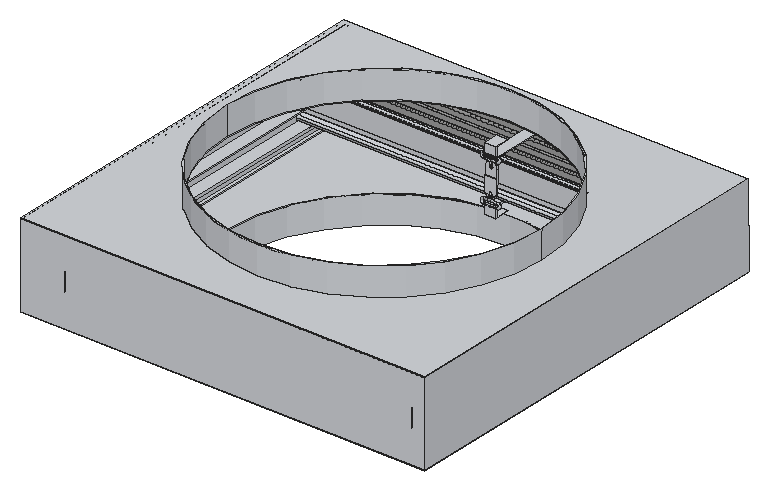
Revit family "C-FSR-1, C-FSR-2", category Mechanical Equipment, Revit 2015
Parameters
  URL = "https://unitedenertech.com/catalog/pdf/D-6%20%20C-FSR-1%20&%20(-2).pdf"
  Type Comments = "Max. Size is (24\"w x 24\"h, 22\" Diameter)"
  Model = "C/FSR-1, C/FSR-2"
  Manufacturer = "United Enertech Corporation"
  Exact Width = 1' - 6"
  Exact Height = 1' - 6"
  Diameter = 1' - 2"
  Description = "Square to Round Ceiling Damper"
  C/FSR-2 = yes
  Blade Width [instance] = Exact Width - 0' 0 3/16"  # 1' - 5 13/16"
Reference planes (in)
  plane 1 "Center (Front/Back)": y = 0
  plane 2: z = 0
  plane 3 "Center (Left/Right)": x = 0
  plane 4: x = -9
  plane 5: x = 9
  plane 6: y = -9
  plane 7: y = 9
  plane 8: z = 3.6875
  plane 9: y = 6.56503
  plane 10: y = 8.9641
  plane 11: x = -8.90617
  plane 12: x = 8.90617
Forms (in)
  Extrusion 1, solid, material "Roofing, EPDM Membrane"
    sketch origin (0, 0, 0) x (0, 1, 0) y (0, 0, 1)
      loop
        line (8.87221, 1.71498) -> (8.8312, 1.05609)
        arc (8.8312, 1.05609) -> (8.70159, 0.93383) -> (8.57105, 1.05509) r 0.13036
        line (8.57105, 1.05509) -> (8.4576, 2.67746)
        arc (8.4576, 2.67746) -> (8.39328, 2.73744) -> (8.32895, 2.67746) r 0.06448
        line (8.32895, 2.67746) -> (8.21235, 1.01004)
        arc (8.21235, 1.01004) -> (8.14803, 0.95006) -> (8.0837, 1.01004) r 0.06448
        line (8.0837, 1.01004) -> (7.9671, 2.67746)
        arc (7.9671, 2.67746) -> (7.90278, 2.73744) -> (7.83845, 2.67746) r 0.06448
        line (7.83845, 2.67746) -> (7.72185, 1.01004)
        arc (7.72185, 1.01004) -> (7.65752, 0.95006) -> (7.5932, 1.01004) r 0.06448
        line (7.5932, 1.01004) -> (7.4766, 2.67746)
        arc (7.4766, 2.67746) -> (7.41227, 2.73744) -> (7.34795, 2.67746) r 0.06448
        line (7.34795, 2.67746) -> (7.23135, 1.01004)
        arc (7.23135, 1.01004) -> (7.16702, 0.95006) -> (7.1027, 1.01004) r 0.06448
        line (7.1027, 1.01004) -> (6.9861, 2.67746)
        arc (6.9861, 2.67746) -> (6.92177, 2.73744) -> (6.85745, 2.67746) r 0.06448
        line (6.85745, 2.67746) -> (6.74085, 1.01004)
        arc (6.74085, 1.01004) -> (6.67652, 0.95006) -> (6.6122, 1.01004) r 0.06448
        line (6.6122, 1.01004) -> (6.4956, 2.67746) -> (6.45644, 2.67746) -> (6.57323, 1.00732)
        arc (6.57323, 1.00732) -> (6.67652, 0.91099) -> (6.77982, 1.00732) r 0.10355
        line (6.77982, 1.00732) -> (6.89641, 2.67473)
        arc (6.89641, 2.67473) -> (6.92177, 2.69838) -> (6.94713, 2.67473) r 0.02542
        line (6.94713, 2.67473) -> (7.06373, 1.00732)
        arc (7.06373, 1.00732) -> (7.16702, 0.91099) -> (7.27032, 1.00732) r 0.10355
        line (7.27032, 1.00732) -> (7.38692, 2.67473)
        arc (7.38692, 2.67473) -> (7.41227, 2.69838) -> (7.43763, 2.67473) r 0.02542
        line (7.43763, 2.67473) -> (7.55423, 1.00732)
        arc (7.55423, 1.00732) -> (7.65752, 0.91099) -> (7.76082, 1.00732) r 0.10355
        line (7.76082, 1.00732) -> (7.87742, 2.67473)
        arc (7.87742, 2.67473) -> (7.90278, 2.69838) -> (7.92813, 2.67473) r 0.02542
        line (7.92813, 2.67473) -> (8.04473, 1.00732)
        arc (8.04473, 1.00732) -> (8.14803, 0.91099) -> (8.25132, 1.00732) r 0.10355
        line (8.25132, 1.00732) -> (8.36792, 2.67473)
        arc (8.36792, 2.67473) -> (8.39328, 2.69838) -> (8.41864, 2.67473) r 0.02542
        line (8.41864, 2.67473) -> (8.53208, 1.05237)
        arc (8.53208, 1.05237) -> (8.70174, 0.89477) -> (8.87018, 1.05366) r 0.16942
        line (8.87018, 1.05366) -> (8.91135, 1.71498) -> (8.87221, 1.71498)
    from -8.90617 to 8.90617
Dimensions and locks (in)
  equal spacing: plane 4, plane 3 "Center (Left/Right)", plane 5
  "Exact Width": plane 4 to plane 5
  equal spacing: plane 7, plane 1 "Center (Front/Back)", plane 6
  "Exact Height": plane 7 to plane 6
  locked: plane 7 to plane 9 at 2.43497
  locked: plane 7 to plane 10 at 0.0359
  locked: plane 4 to plane 11 at 0.09383
  locked: plane 12 to plane 5 at 0.09383
  aligned and locked: level to plane 2
  aligned and locked: plane 3 "Center (Left/Right)" to nested 1
  aligned and locked: nested 1 to plane 1 "Center (Front/Back)"
  aligned and locked: nested 1 to level
  aligned and locked: nested 2 to plane 10
  aligned and locked: nested 3 to plane 9
  aligned and locked: plane 3 "Center (Left/Right)" to nested 2
  aligned and locked: nested 3 to plane 3 "Center (Left/Right)"
  aligned and locked: Extrusion 1 to plane 11
  aligned and locked: Extrusion 1 to plane 12
  aligned and locked: plane 3 "Center (Left/Right)" to nested 4
  aligned and locked: plane 1 "Center (Front/Back)" to nested 4
  aligned and locked: nested 4 to plane 8
  aligned and locked: nested 5 to level
Automatic sketch dimensions
  Extrusion 1 sketch curve to Extrusion 1 sketch curve = 0' - 0"  (x22)
  plane 9 to Extrusion 1 sketch curve = 0' - 0.0082"
  Extrusion 1 sketch curve to Extrusion 1 sketch curve = 0' - 0.03897"  (x17)
  Extrusion 1 sketch curve to Extrusion 1 sketch curve = 0' - 0.06433"  (x8)
  plane 9 to Extrusion 1 sketch curve = 0' - 0.29242"
  Extrusion 1 sketch curve to Extrusion 1 sketch curve = 0' - 0.02536"  (x8)
  Extrusion 1 sketch curve to Extrusion 1 sketch curve = 0' - 0.28391"  (x3)
  Extrusion 1 sketch curve to Extrusion 1 sketch curve = 0' - 0.36185"  (x3)
  level to Extrusion 1 sketch curve = 0' - 1.01004"
  level to Extrusion 1 sketch curve = 0' - 1.00732"
  Extrusion 1 sketch curve to plane 8 = 0' - 1.01277"
  Extrusion 1 sketch curve to Extrusion 1 sketch curve = 0' - 0.28076"
  Extrusion 1 sketch curve to Extrusion 1 sketch curve = 0' - 0.13004"
  Extrusion 1 sketch curve to Extrusion 1 sketch curve = 0' - 0.13011"
  Extrusion 1 sketch curve to Extrusion 1 sketch curve = 0' - 0.03899"
  plane 10 to Extrusion 1 sketch curve = 0' - 0.09189"
  Extrusion 1 sketch curve to Extrusion 1 sketch curve = 0' - 0.03914"
  Extrusion 1 sketch curve to Extrusion 1 sketch curve = 0' - 0.00272"  (x8)
  Extrusion 1 sketch curve to Extrusion 1 sketch curve = 0' - 0.0045"  (x4)
  Extrusion 1 sketch curve to Extrusion 1 sketch curve = 0' - 0.04505"
  Extrusion 1 sketch curve to Extrusion 1 sketch curve = 0' - 0.00129"
  Extrusion 1 sketch curve to Extrusion 1 sketch curve = 0' - 0.66132"
  Extrusion 1 sketch curve to Extrusion 1 sketch curve = 0' - 0.00177"  (x7)
  Extrusion 1 sketch curve to plane 9 = 0' - 0.06943"
  Extrusion 1 sketch curve to Extrusion 1 sketch curve = 0' - 0.03916"
Nested families (in)
  nested 1: "CFS FRAMEE" at (0, -9, 1.84375) x (1, 0, 0) z (0, 1, 0), type "CFS FRAMEE"
    with EFL Height 0' - 2 43/64", Blade Width 1' - 5 7/8", Blade Pair Number 5, Exact Width 1' - 6", Damper Height 1' - 6"
  nested 2: "Steel Blade" at (0, 8.12138, 0.67583) x (1, 0, 0) z (0, 1, 0), type "Steel Blade"
    with Blade Width 1' - 5 13/16"
  nested 3: "Steel Blade" at (0, 5.72231, 3.01167) x (1, 0, 0) z (0, 1, 0), type "Steel Blade"
    with Blade Width 1' - 5 13/16"
  nested 4: "Transition" at (0, 0, 3.6875), type "Transition"
    with Radius O.D. 0' - 7 1/32", Radius 0' - 7", W 1' - 6", H 1' - 6", Diameter 1' - 2"
  nested 5: "Transition" at (0, 0, 0) x (1, 0, 0) z (0, 0, -1), visible <- "C/FSR-2", type "Transition"
    with Radius O.D. 0' - 7 1/32", Radius 0' - 7", W 1' - 6", H 1' - 6", Diameter 1' - 2"
Definition of nested family "CFS FRAMEE"
  Parameters (values of type "CFS FRAMEE")
    URL = "http://unitedenertech.com/catalog/pdf/A-10%20%20FDD-ALB.pdf"
    Type Comments = "Max. Sizes are (Vertical 72\"w x 36\"h or 36\"w x 72\"h) (Horizontal 36\"w x 36\"h)"
    Model = "FDD-ALB"
    Manufacturer = "United Enertech Corporation"
    Keynote = ""
    Exact Width = 2' - 0"
    EFL Height [instance] = Blade Pair Number * 0' 0 13/32" + 0' 0 41/64"  # 0' - 1 55/64"
    Description = "Curtain Fire Damper for use in Static or Dynamic Systems"
    Damper Height = 1' - 0"
    Depth = 0' - 3 11/16"
    Blade Width [instance] = Exact Width - 0' 0 1/8"  # 1' - 11 7/8"
    Blade Pair Number [instance] = (Damper Height - 0' 0 9/128") / 0' 3 7/8"  # 3
  Reference planes (in)
    plane 1 "Center (Front/Back)": y = 0
    plane 2: z = 0
    plane 3 "Center (Left/Right)": x = 0
    plane 4: x = -12
    plane 5: x = 12
    plane 6: y = -1.84375
    plane 7: y = 1.84375
    plane 8: z = 12
    plane 9: x = -11.9641
    plane 10: x = 11.9641
    plane 11: z = 0.0359
    plane 12: z = 11.9641
    plane 13: y = 1.09375
    plane 14: y = -1.09375
    plane 15: y = -0.96875
    plane 16: y = 0.96875
    plane 17: z = 0.6609
    plane 18: x = -11.3391
    plane 19: x = 11.3391
    plane 20: z = 11.3391
    plane 21: x = -0.25
    plane 22: x = 0.25
    plane 23: z = 8.88598
    plane 24: z = 8.92188
    plane 25: z = 0.2234
    plane 26: z = 11.7766
    plane 27: x = 11.7766
    plane 28: x = -11.7766
    plane 29: y = 1.80785
    plane 30: y = -1.80785
    plane 31: z = 6
  Forms (in)
    Extrusion 1, solid
      sketch origin (0, 0, 0) x (1, 0, 0) y (0, 0, 1)
        loop
          line (-11.9641, 11.9641) -> (-11.9641, 0.0359) -> (11.9641, 0.0359) -> (11.9641, 11.9641) -> (-11.9641, 11.9641)
        loop
          line (-12, 12) -> (-12, 0) -> (12, 0) -> (12, 12) -> (-12, 12)
      from -1.84375 to 1.84375
    Extrusion 2, solid
      sketch origin (0, 0, 0) x (1, 0, 0) y (0, 0, 1)
        loop
          line (-11.3391, 11.3391) -> (-11.3391, 0.6609) -> (11.3391, 0.6609) -> (11.3391, 11.3391) -> (-11.3391, 11.3391)
        loop
          line (-11.9641, 11.9641) -> (-11.9641, 0.0359) -> (11.9641, 0.0359) -> (11.9641, 11.9641) -> (-11.9641, 11.9641)
      from 0.96875 to 1.09375
    Extrusion 3, solid
      sketch origin (0, 0, 0) x (1, 0, 0) y (0, 0, 1)
        loop
          line (-11.3391, 11.3391) -> (-11.3391, 0.6609) -> (11.3391, 0.6609) -> (11.3391, 11.3391) -> (-11.3391, 11.3391)
        loop
          line (-11.9641, 11.9641) -> (-11.9641, 0.0359) -> (11.9641, 0.0359) -> (11.9641, 11.9641) -> (-11.9641, 11.9641)
      from -1.09375 to -0.96875
    Extrusion 4, solid
      sketch origin (0, 0, 0) x (0, 1, 0) y (0, 0, 1)
        loop
          line (0.96875, 11.9641) -> (0.93285, 11.9641) -> (0.93285, 8.88598) -> (1.43285, 8.88598) -> (1.43285, 9.55473) -> (1.39695, 9.55473) -> (1.39695, 8.92188) -> (0.96875, 8.92188) -> (0.96875, 11.9641)
      from -0.25 to 0.25
    Extrusion 5, solid
      sketch origin (0, 0, 0) x (0, -1, 0) y (0, 0, -1)
        loop
          line (0.96875, -11.9641) -> (0.96875, -8.92188) -> (1.39695, -8.92188) -> (1.39695, -9.55473) -> (1.43285, -9.55473) -> (1.43285, -8.88598) -> (0.93285, -8.88598) -> (0.93285, -11.9641) -> (0.96875, -11.9641)
      from -0.25 to 0.25
    Extrusion 6, solid
      sketch origin (0, 0, 0) x (0, 1, 0) y (0, 0, 1)
        loop
          line (0.18683, 0.46965) -> (0.18683, 8.88598) -> (0.15093, 8.88598) -> (0.15093, 0.46965) -> (0.18683, 0.46965)
      from 11.3391 to 11.9641
    Extrusion 7, solid
      sketch origin (0, 0, 0) x (0, 1, 0) y (0, 0, 1)
        loop
          line (0.18683, 0.46965) -> (0.18683, 8.88598) -> (0.15093, 8.88598) -> (0.15093, 0.46965) -> (0.18683, 0.46965)
      from -11.3391 to -11.9641
    Extrusion 8, solid
      sketch origin (0, 0, 0) x (0, 1, 0) y (0, 0, 1)
        loop
          arc (0.18683, 8.88598) -> (0.08831, 9.27851) -> (-0.15941, 9.59854) r 0.98736
          line (-0.15941, 9.59854) -> (-0.18442, 9.57353)
          arc (-0.18442, 9.57353) -> (0.05139, 9.26299) -> (0.15093, 8.88598) r 1.00288
          line (0.15093, 8.88598) -> (0.18683, 8.88598)
      from 11.3391 to 11.9641
    Extrusion 9, solid
      sketch origin (0, 0, 0) x (0, 1, 0) y (0, 0, 1)
        loop
          arc (0.18683, 8.88598) -> (0.08831, 9.27851) -> (-0.15941, 9.59854) r 0.98736
          line (-0.15941, 9.59854) -> (-0.18442, 9.57353)
          arc (-0.18442, 9.57353) -> (0.05139, 9.26299) -> (0.15093, 8.88598) r 1.00288
          line (0.15093, 8.88598) -> (0.18683, 8.88598)
      from -11.9641 to -11.3391
    Extrusion 10, solid
      sketch origin (0, 0, 0) x (1, 0, 0) y (0, 0, 1)
        loop
          line (-11.7766, 11.7766) -> (-11.7766, 0.2234) -> (11.7766, 0.2234) -> (11.7766, 11.7766) -> (-11.7766, 11.7766)
        loop
          line (-11.9641, 0.0359) -> (11.9641, 0.0359) -> (11.9641, 11.9641) -> (-11.9641, 11.9641) -> (-11.9641, 0.0359)
      from -1.84375 to -1.80785
    Extrusion 11, solid
      sketch origin (0, 0, 0) x (1, 0, 0) y (0, 0, 1)
        loop
          line (-11.7766, 11.7766) -> (-11.7766, 0.2234) -> (11.7766, 0.2234) -> (11.7766, 11.7766) -> (-11.7766, 11.7766)
        loop
          line (-11.9641, 0.0359) -> (11.9641, 0.0359) -> (11.9641, 11.9641) -> (-11.9641, 11.9641) -> (-11.9641, 0.0359)
      from 1.80785 to 1.84375
  Dimensions and locks (in)
    equal spacing: plane 4, plane 3 "Center (Left/Right)", plane 5
    "Exact Width": plane 4 to plane 5
    equal spacing: plane 7, plane 1 "Center (Front/Back)", plane 6
    "Depth": plane 7 to plane 6
    "Damper Height": plane 8 to level
    locked: plane 9 to plane 4 at 0.0359
    locked: plane 5 to plane 10 at 0.0359
    locked: plane 8 to plane 12 at 0.0359
    locked: plane 11 to level at 0.0359
    locked: plane 13 to plane 14 at 2.1875
    locked: plane 15 to plane 14 at 0.125
    locked: plane 13 to plane 16 at 0.125
    locked: plane 18 to plane 9 at 0.625
    locked: plane 10 to plane 19 at 0.625
    locked: plane 17 to plane 11 at 0.625
    locked: plane 12 to plane 20 at 0.625
    locked: plane 24 to plane 23 at 0.0359
    locked: plane 25 to level at 0.2234
    locked: plane 8 to plane 26 at 0.2234
    locked: plane 4 to plane 28 at 0.2234
    locked: plane 5 to plane 27 at 0.2234
    locked: plane 7 to plane 29 at 0.0359
    locked: plane 30 to plane 6 at 0.0359
    locked: plane 8 to plane 23 at 3.11402
    equal spacing: plane 8, plane 31, level
    aligned and locked: level to plane 2
    aligned and locked: level to Extrusion 1 sketch curve
    aligned and locked: Extrusion 1 sketch curve to plane 4
    aligned and locked: Extrusion 1 sketch curve to plane 5
    aligned and locked: Extrusion 1 sketch curve to plane 8
    aligned and locked: Extrusion 1 sketch curve to plane 12
    aligned and locked: plane 10 to Extrusion 1 sketch curve
    aligned and locked: plane 11 to Extrusion 1 sketch curve
    aligned and locked: plane 9 to Extrusion 1 sketch curve
    aligned and locked: plane 7 to Extrusion 1
    aligned and locked: Extrusion 1 to plane 6
    aligned and locked: plane 11 to Extrusion 2 sketch curve
    aligned and locked: plane 9 to Extrusion 2 sketch curve
    aligned and locked: plane 10 to Extrusion 2 sketch curve
    aligned and locked: Extrusion 2 sketch curve to plane 12
    aligned and locked: Extrusion 2 sketch curve to plane 20
    aligned and locked: Extrusion 2 sketch curve to plane 19
    aligned and locked: plane 17 to Extrusion 2 sketch curve
    aligned and locked: Extrusion 2 sketch curve to plane 18
    aligned and locked: plane 13 to Extrusion 3
    aligned and locked: Extrusion 3 to plane 16
    aligned and locked: plane 15 to Extrusion 2
    aligned and locked: Extrusion 2 to plane 14
    aligned and locked: plane 21 to Extrusion 5
    aligned and locked: plane 21 to Extrusion 4
    aligned and locked: plane 22 to Extrusion 5
    aligned and locked: plane 22 to Extrusion 4
    aligned and locked: Extrusion 5 sketch curve to plane 23
    aligned and locked: plane 23 to Extrusion 4 sketch curve
    aligned and locked: plane 24 to Extrusion 4 sketch curve
    aligned and locked: Extrusion 5 sketch curve to plane 24
    aligned and locked: nested 1 to plane 24
    aligned and locked: nested 2 to plane 9
    aligned and locked: plane 10 to nested 3
    aligned and locked: Extrusion 6 sketch curve to plane 23
    aligned and locked: Extrusion 7 to plane 9
    aligned and locked: Extrusion 7 to plane 18
    aligned and locked: Extrusion 6 to plane 19
    aligned and locked: Extrusion 6 to plane 10
    aligned and locked: Extrusion 8 sketch curve to plane 23
    aligned and locked: Extrusion 9 to plane 9
    aligned and locked: Extrusion 9 to plane 18
    aligned and locked: plane 10 to Extrusion 8
    aligned and locked: Extrusion 8 to plane 19
    aligned and locked: Extrusion 10 sketch curve to plane 11
    aligned and locked: Extrusion 10 sketch curve to plane 10
    aligned and locked: Extrusion 10 sketch curve to plane 9
    aligned and locked: plane 12 to Extrusion 10 sketch curve
    aligned and locked: plane 26 to Extrusion 10 sketch curve
    aligned and locked: Extrusion 10 sketch curve to plane 28
    aligned and locked: Extrusion 10 sketch curve to plane 25
    aligned and locked: Extrusion 10 sketch curve to plane 27
    aligned and locked: plane 7 to Extrusion 10
    aligned and locked: Extrusion 10 to plane 29
    aligned and locked: Extrusion 11 to plane 30
    aligned and locked: Extrusion 11 to plane 6
  Automatic sketch dimensions
    Extrusion 3 sketch curve to plane 9 = 0' - 0"
    Extrusion 3 sketch curve to plane 17 = 0' - 0"
    plane 18 to Extrusion 3 sketch curve = 0' - 0"
    Extrusion 3 sketch curve to plane 19 = 0' - 0"
    plane 10 to Extrusion 3 sketch curve = 0' - 0"
    Extrusion 3 sketch curve to plane 11 = 0' - 0"
    Extrusion 3 sketch curve to plane 20 = 0' - 0"
    Extrusion 3 sketch curve to plane 12 = 0' - 0"
    Extrusion 4 sketch curve to plane 12 = 0' - 0"
    Extrusion 4 sketch curve to plane 16 = 0' - 0"
    Extrusion 4 sketch curve to plane 16 = 0' - 0.0359"
    plane 13 to Extrusion 4 sketch curve = 0' - 0.3032"
    Extrusion 4 sketch curve to Extrusion 4 sketch curve = 0' - 0.0359"
    plane 24 to Extrusion 4 sketch curve = 0' - 0.63285"
    Extrusion 5 sketch curve to plane 12 = 0' - 0"
    Extrusion 5 sketch curve to plane 15 = 0' - 0"
    Extrusion 5 sketch curve to plane 15 = 0' - 0.0359"
    plane 14 to Extrusion 5 sketch curve = 0' - 0.3032"
    Extrusion 5 sketch curve to Extrusion 5 sketch curve = 0' - 0.0359"
    Extrusion 5 sketch curve to plane 24 = 0' - 0.63285"
    Extrusion 6 sketch curve to plane 1 "Center (Front/Back)" = 0' - 0.15093"
    Extrusion 6 sketch curve to Extrusion 6 sketch curve = 0' - 0.0359"
    Extrusion 6 sketch curve to plane 17 = 0' - 0.19125"
    Extrusion 7 sketch curve to plane 23 = 0' - 0"
    Extrusion 7 sketch curve to plane 1 "Center (Front/Back)" = 0' - 0.15093"
    Extrusion 7 sketch curve to Extrusion 7 sketch curve = 0' - 0.0359"
    Extrusion 7 sketch curve to plane 17 = 0' - 0.19125"
    plane 15 to Extrusion 8 sketch curve = 0' - 0.11876"
    Extrusion 8 sketch curve to Extrusion 8 sketch curve = 0' - 0.05023"
    plane 1 "Center (Front/Back)" to Extrusion 8 sketch curve = 0' - 0.18442"
    Extrusion 8 sketch curve to Extrusion 8 sketch curve = 0' - 0.02501"
    Extrusion 8 sketch curve to plane 1 "Center (Front/Back)" = 0' - 0.15093"
    Extrusion 8 sketch curve to Extrusion 8 sketch curve = 0' - 0.0359"
    Extrusion 8 sketch curve to plane 23 = 0' - 0.03898"
    Extrusion 8 sketch curve to Extrusion 8 sketch curve = 0' - 0.02364"
    Extrusion 9 sketch curve to plane 23 = 0' - 0"
    plane 15 to Extrusion 9 sketch curve = 0' - 0.11876"
    Extrusion 9 sketch curve to Extrusion 9 sketch curve = 0' - 0.05023"
    plane 1 "Center (Front/Back)" to Extrusion 9 sketch curve = 0' - 0.18442"
    Extrusion 9 sketch curve to Extrusion 9 sketch curve = 0' - 0.02501"
    Extrusion 9 sketch curve to plane 1 "Center (Front/Back)" = 0' - 0.15093"
    Extrusion 9 sketch curve to Extrusion 9 sketch curve = 0' - 0.0359"
    Extrusion 9 sketch curve to plane 23 = 0' - 0.03898"
    Extrusion 9 sketch curve to Extrusion 9 sketch curve = 0' - 0.02364"
    Extrusion 11 sketch curve to plane 9 = 0' - 0"
    Extrusion 11 sketch curve to plane 25 = 0' - 0"
    plane 28 to Extrusion 11 sketch curve = 0' - 0"
    Extrusion 11 sketch curve to plane 26 = 0' - 0"
    Extrusion 11 sketch curve to plane 27 = 0' - 0"
    plane 10 to Extrusion 11 sketch curve = 0' - 0"
    Extrusion 11 sketch curve to plane 11 = 0' - 0"
    Extrusion 11 sketch curve to plane 12 = 0' - 0"
  Nested families (in)
    nested 1: "EFL" at (4.62017, 3.54736, 8.92188), type "EFL"
    nested 2: "Fire Damper Spring" at (-11.41019, -4.48368, -2.82915) x (0, 1, 0) z (0, 0, 1), type "Fire Damper Spring"
    nested 3: "Fire Damper Spring" at (11.41019, -4.48368, -2.82915) x (0, 1, 0) z (0, 0, 1), type "Fire Damper Spring"
  Definition of nested family "EFL"
    Reference planes (in)
      plane 1 "Center (Front/Back)": y = 0
      plane 2: z = 0
      plane 3 "Center (Left/Right)": x = 0
    Forms (in)
      Extrusion 1, solid
        sketch origin (0, 0, 0) x (1, 0, 0) y (0, 1, 0)
          loop
            arc (-4.87017, -4.05324) -> (-4.81525, -4.18582) -> (-4.68267, -4.24074) r 0.1875
            line (-4.68267, -4.24074) -> (-4.55767, -4.24074)
            arc (-4.55767, -4.24074) -> (-4.42508, -4.18582) -> (-4.37017, -4.05324) r 0.1875
            line (-4.37017, -4.05324) -> (-4.37017, -3.41574) -> (-4.87017, -3.41574) -> (-4.87017, -4.05324)
          loop
            circle (-4.62017, -4.05324) r 0.0625
        from 0.1 to 0.05
      Extrusion 2, solid
        sketch origin (-9.24033, -7.08147, 0) x (-1, 0, 0) y (0, -1, 0)
          loop
            arc (-4.87017, -4.05324) -> (-4.81525, -4.18582) -> (-4.68267, -4.24074) r 0.1875
            line (-4.68267, -4.24074) -> (-4.55767, -4.24074)
            arc (-4.55767, -4.24074) -> (-4.42508, -4.18582) -> (-4.37017, -4.05324) r 0.1875
            line (-4.37017, -4.05324) -> (-4.37017, -3.41574) -> (-4.87017, -3.41574) -> (-4.87017, -4.05324)
          loop
            circle (-4.62017, -4.05324) r 0.0625
        from 0 to 0.05
      Sweep 3, solid
        path in 3D
          loop
            line (-4.62017, -4.16421, 0) -> (-4.62017, -4.22608, 0)
            arc (-4.62017, -4.22608, 0) -> (-4.65678, -4.31447, 0) -> (-4.74517, -4.35108, 0) r 0.125
            line (-4.74517, -4.35108, 0) -> (-4.92568, -4.35108, 0)
            arc (-4.92568, -4.35108, 0) -> (-5.02859, -4.454, 0) -> (-4.92568, -4.55691, 0) r 0.10291
            line (-4.92568, -4.55691, 0) -> (-4.62017, -4.55691, 0) -> (-4.31465, -4.55691, 0)
            arc (-4.31465, -4.55691, 0) -> (-4.21174, -4.454, 0) -> (-4.31465, -4.35108, 0) r 0.10291
            line (-4.31465, -4.35108, 0) -> (-4.58427, -4.35108, 0)
        profile origin (-4.62017, -4.19515, 0) x (1, 0, 0) y (0, 0, 1)
          loop
            circle (0, 0) r 0.03202
      Sweep 4, solid
        path in 3D
          loop
            line (-4.62017, -4.283, 0.1526) -> (-4.62017, -4.12297, 0.1526)
            arc (-4.62017, -4.12297, 0.1526) -> (-4.62017, -4.04635, 0.07598) -> (-4.62017, -4.12297, -0.00063) r 0.07662
            line (-4.62017, -4.12297, -0.00063) -> (-4.62017, -4.16421, -0.00063)
        profile origin (-4.62017, -4.14359, -0.00063) x (0, 0, -1) y (1, 0, 0)
          loop
            circle (0, 0) r 0.03138
      Sweep 5, solid
        path in 3D
          loop
            line (-4.62017, -2.91726, 0) -> (-4.62017, -2.85539, 0)
            arc (-4.62017, -2.85539, 0) -> (-4.65678, -2.767, 0) -> (-4.74517, -2.73039, 0) r 0.125
            line (-4.74517, -2.73039, 0) -> (-4.92568, -2.73039, 0)
            arc (-4.92568, -2.73039, 0) -> (-5.02859, -2.62747, 0) -> (-4.92568, -2.52456, 0) r 0.10291
            line (-4.92568, -2.52456, 0) -> (-4.62017, -2.52456, 0) -> (-4.31465, -2.52456, 0)
            arc (-4.31465, -2.52456, 0) -> (-4.21174, -2.62747, 0) -> (-4.31465, -2.73039, 0) r 0.10291
            line (-4.31465, -2.73039, 0) -> (-4.58427, -2.73039, 0)
        profile origin (-4.62017, -2.88633, 0) x (-1, 0, 0) y (0, 0, 1)
          loop
            circle (0, 0) r 0.03202
      Sweep 6, solid
        path in 3D
          loop
            line (-4.62017, -2.79848, 0.1526) -> (-4.62017, -2.95851, 0.1526)
            arc (-4.62017, -2.95851, 0.1526) -> (-4.62017, -3.03512, 0.07598) -> (-4.62017, -2.95851, -0.00063) r 0.07662
            line (-4.62017, -2.95851, -0.00063) -> (-4.62017, -2.91726, -0.00063)
        profile origin (-4.62017, -2.93788, -0.00063) x (0, 0, 1) y (1, 0, 0)
          loop
            circle (0, 0) r 0.03138
    Lines and regions (in)
      sketch lines
        curve 1: line (-4.62017, -4.16421, 0) -> (-4.62017, -4.22608, 0)
        curve 2: arc (-4.74517, -4.35108, 0) -> (-4.65678, -4.31447, 0) -> (-4.62017, -4.22608, 0) r 0.125
        curve 3: line (-4.74517, -4.35108, 0) -> (-4.92568, -4.35108, 0)
        curve 4: arc (-4.92568, -4.35108, 0) -> (-5.02859, -4.454, 0) -> (-4.92568, -4.55691, 0) r 0.10291
        curve 5: line (-4.62017, -4.55691, 0) -> (-4.92568, -4.55691, 0)
        curve 6: line (-4.62017, -4.55691, 0) -> (-4.31465, -4.55691, 0)
        curve 7: arc (-4.31465, -4.55691, 0) -> (-4.21174, -4.454, 0) -> (-4.31465, -4.35108, 0) r 0.10291
        curve 8: line (-4.58427, -4.35108, 0) -> (-4.31465, -4.35108, 0)
        curve 9: line (-4.62017, -4.12297, -0.00063) -> (-4.62017, -4.16421, -0.00063)
        curve 10: arc (-4.62017, -4.12297, -0.00063) -> (-4.62017, -4.04635, 0.07598) -> (-4.62017, -4.12297, 0.1526) r 0.07662
        curve 11: line (-4.62017, -4.12297, 0.1526) -> (-4.62017, -4.283, 0.1526)
        curve 12: line (-4.62017, -2.91726, 0) -> (-4.62017, -2.85539, 0)
        curve 13: arc (-4.74517, -2.73039, 0) -> (-4.65678, -2.767, 0) -> (-4.62017, -2.85539, 0) r 0.125
        curve 14: line (-4.74517, -2.73039, 0) -> (-4.92568, -2.73039, 0)
        curve 15: arc (-4.92568, -2.73039, 0) -> (-5.02859, -2.62747, 0) -> (-4.92568, -2.52456, 0) r 0.10291
        curve 16: line (-4.62017, -2.52456, 0) -> (-4.92568, -2.52456, 0)
        curve 17: line (-4.62017, -2.52456, 0) -> (-4.31465, -2.52456, 0)
        curve 18: arc (-4.31465, -2.52456, 0) -> (-4.21174, -2.62747, 0) -> (-4.31465, -2.73039, 0) r 0.10291
        curve 19: line (-4.58427, -2.73039, 0) -> (-4.31465, -2.73039, 0)
        curve 20: line (-4.62017, -2.95851, -0.00063) -> (-4.62017, -2.91726, -0.00063)
        curve 21: arc (-4.62017, -2.95851, -0.00063) -> (-4.62017, -3.03512, 0.07598) -> (-4.62017, -2.95851, 0.1526) r 0.07662
        curve 22: line (-4.62017, -2.95851, 0.1526) -> (-4.62017, -2.79848, 0.1526)
    Dimensions and locks (in)
      aligned and locked: level to plane 2
  Definition of nested family "Fire Damper Spring"
    Reference planes (in)
      plane 1 "Center (Front/Back)": y = 0
      plane 2: z = 0
      plane 3 "Center (Left/Right)": x = 0
    Forms (in)
      Extrusion 1, solid
        sketch origin (-1.85058, 0, 0) x (1, 0, 0) y (0, 0, 1)
          loop
            line (5.83358, 5.61505) -> (5.83358, 2.86505) -> (6.70858, 2.86505) -> (6.70858, 3.11505) -> (6.83358, 3.11505) -> (6.83358, 3.74645) -> (6.70858, 4.08156) -> (6.70858, 4.28395) -> (6.83358, 4.40895)
            arc (6.83358, 4.40895) -> (6.47375, 5.12822) -> (5.83358, 5.61505) r 1.77618
          loop
            line (6.15858, 3.72986) -> (6.15858, 3.22986) -> (6.50858, 3.22986) -> (6.50858, 3.72986) -> (6.15858, 3.72986)
        from 0 to 0.06
      Extrusion 2, solid
        sketch origin (0, 0, 0) x (1, 0, 0) y (0, 0, 1)
          loop
            line (3.983, 2.86505) -> (4.858, 2.86505) -> (4.858, 2.92505) -> (3.983, 2.92505) -> (3.983, 2.86505)
        from 0.06 to 1.375
      Extrusion 3, solid
        sketch origin (-1.27452, 0, -0.02337) x (1, 0, 0) y (0, 0, 1)
          loop
            circle (5.75753, 3.32218) r 0.1875
          loop
            circle (5.75753, 3.32218) r 0.16
        from 0 to -0.5
      Extrusion 4, solid
        sketch origin (0, 0, 0) x (1, 0, 0) y (0, 0, 1)
          loop
            line (4.38792, 3.22986) -> (4.38792, 3.16986) -> (4.57943, 3.16986) -> (4.57943, 3.22986) -> (4.38792, 3.22986)
        from 0 to -0.55391
    Dimensions and locks (in)
      aligned and locked: level to plane 2
Definition of nested family "Steel Blade"
  Parameters (values of type "Steel Blade")
    Blade Width = 1' - 11 7/8"
  Reference planes (in)
    plane 1 "Center (Front/Back)": y = 0
    plane 2: z = 0
    plane 3 "Center (Left/Right)": x = 0
    plane 4: x = -11.9375
    plane 5: x = 11.9375
  Forms (in)
    Extrusion 1, solid
      sketch origin (0, 0, 0) x (0, 1, 0) y (0, 0, 1)
        loop
          line (-0.31672, 0.53073) -> (-0.3446, 0.62657)
          arc (-0.3446, 0.62657) -> (-0.33726, 0.6415) -> (-0.32269, 0.63348) r 0.0115
          line (-0.32269, 0.63348) -> (-0.30545, 0.53536)
          arc (-0.30545, 0.53536) -> (-0.31611, 0.49773) -> (-0.35217, 0.48264) r 0.045
          line (-0.35217, 0.48264) -> (-0.39872, 0.48554)
          arc (-0.39872, 0.48554) -> (-0.42675, 0.49692) -> (-0.44125, 0.52348) r 0.045
          line (-0.44125, 0.52348) -> (-0.47071, 0.66865)
          arc (-0.47071, 0.66865) -> (-0.48965, 0.70349) -> (-0.5262, 0.7189) r 0.06
          line (-0.5262, 0.7189) -> (-1.55698, 0.78305) -> (-1.76244, 0.79584)
          arc (-1.76244, 0.79584) -> (-1.79846, 0.78683) -> (-1.82228, 0.75836) r 0.06
          line (-1.82228, 0.75836) -> (-1.88016, 0.61423)
          arc (-1.88016, 0.61423) -> (-1.90974, 0.57877) -> (-1.95445, 0.56733) r 0.075
          arc (-1.95445, 0.56733) -> (-2.03902, 0.60869) -> (-2.06957, 0.69773) r 0.123
          line (-2.06957, 0.69773) -> (-2.06418, 0.78456)
          arc (-2.06418, 0.78456) -> (-2.05371, 0.80551) -> (-2.03138, 0.81256) r 0.03
          line (-2.03138, 0.81256) -> (-1.90763, 0.80489) -> (-1.90763, 0.8362) -> (-2.01284, 0.84272) -> (-2.04641, 0.84272)
          arc (-2.04641, 0.84272) -> (-2.08042, 0.82292) -> (-2.09536, 0.7865) r 0.06125
          line (-2.09536, 0.7865) -> (-2.10077, 0.69966)
          arc (-2.10077, 0.69966) -> (-2.06244, 0.58801) -> (-1.95639, 0.53614) r 0.15425
          arc (-1.95639, 0.53614) -> (-1.89306, 0.55235) -> (-1.8512, 0.60257) r 0.10625
          line (-1.8512, 0.60257) -> (-1.7933, 0.74674)
          arc (-1.7933, 0.74674) -> (-1.78183, 0.76038) -> (-1.76452, 0.76466) r 0.02875
          line (-1.76452, 0.76466) -> (-1.55892, 0.75186) -> (-0.52813, 0.68773)
          arc (-0.52813, 0.68773) -> (-0.51045, 0.68016) -> (-0.50148, 0.66314) r 0.02875
          line (-0.50148, 0.66314) -> (-0.47199, 0.51784)
          arc (-0.47199, 0.51784) -> (-0.4474, 0.47346) -> (-0.4004, 0.45434) r 0.07625
          line (-0.4004, 0.45434) -> (-0.35398, 0.45144)
          arc (-0.35398, 0.45144) -> (-0.29278, 0.47694) -> (-0.27468, 0.54073) r 0.07625
          line (-0.27468, 0.54073) -> (-0.29191, 0.63889)
          arc (-0.29191, 0.63889) -> (-0.33988, 0.67434) -> (-0.37768, 0.6282) r 0.04327
          line (-0.37768, 0.6282) -> (-0.34677, 0.52199) -> (-0.31672, 0.53073)
      from -11.9375 to 11.9375
  Dimensions and locks (in)
    equal spacing: plane 4, plane 3 "Center (Left/Right)", plane 5
    "Blade Width": plane 4 to plane 5
    aligned and locked: level to plane 2
    aligned and locked: plane 4 to Extrusion 1
    aligned and locked: plane 5 to Extrusion 1
  Automatic sketch dimensions
    Extrusion 1 sketch curve to Extrusion 1 sketch curve = 0' - 0"  (x30)
    level to Extrusion 1 sketch curve = 0' - 0.7827"
    plane 1 "Center (Front/Back)" to Extrusion 1 sketch curve = 0' - 2.03423"
    Extrusion 1 sketch curve to Extrusion 1 sketch curve = 0' - 0.00284"
    Extrusion 1 sketch curve to Extrusion 1 sketch curve = 0' - 0.01854"
    Extrusion 1 sketch curve to Extrusion 1 sketch curve = 0' - 0.08443"
    Extrusion 1 sketch curve to Extrusion 1 sketch curve = 0' - 0.00298"
    Extrusion 1 sketch curve to Extrusion 1 sketch curve = 0' - 0.03918"
    Extrusion 1 sketch curve to Extrusion 1 sketch curve = 0' - 0.14102"
    level to Extrusion 1 sketch curve = 0' - 0.76466"
    Extrusion 1 sketch curve to Extrusion 1 sketch curve = 0' - 0.00209"
    level to Extrusion 1 sketch curve = 0' - 0.79584"
    Extrusion 1 sketch curve to Extrusion 1 sketch curve = 0' - 0.00208"  (x2)
    level to Extrusion 1 sketch curve = 0' - 0.75186"
    Extrusion 1 sketch curve to Extrusion 1 sketch curve = 0' - 0.2056"
    Extrusion 1 sketch curve to Extrusion 1 sketch curve = 0' - 0.00194"  (x2)
    plane 1 "Center (Front/Back)" to Extrusion 1 sketch curve = 0' - 0.52993"
    Extrusion 1 sketch curve to Extrusion 1 sketch curve = 0' - 0.02845"
    Extrusion 1 sketch curve to Extrusion 1 sketch curve = 0' - 0.02949"
    Extrusion 1 sketch curve to Extrusion 1 sketch curve = 0' - 0.03077"  (x2)
    Extrusion 1 sketch curve to Extrusion 1 sketch curve = 0' - 0.03074"
    Extrusion 1 sketch curve to Extrusion 1 sketch curve = 0' - 0.04085"
    Extrusion 1 sketch curve to Extrusion 1 sketch curve = 0' - 0.00168"
    Extrusion 1 sketch curve to Extrusion 1 sketch curve = 0' - 0.04445"
    Extrusion 1 sketch curve to Extrusion 1 sketch curve = 0' - 0.01912"
    Extrusion 1 sketch curve to Extrusion 1 sketch curve = 0' - 0.04641"
    Extrusion 1 sketch curve to Extrusion 1 sketch curve = 0' - 0.00182"
    Extrusion 1 sketch curve to Extrusion 1 sketch curve = 0' - 0.00238"
    Extrusion 1 sketch curve to Extrusion 1 sketch curve = 0' - 0.00302"
    Extrusion 1 sketch curve to Extrusion 1 sketch curve = 0' - 0.03307"
    Extrusion 1 sketch curve to Extrusion 1 sketch curve = 0' - 0.01008"
    Extrusion 1 sketch curve to Extrusion 1 sketch curve = 0' - 0.00072"
    Extrusion 1 sketch curve to Extrusion 1 sketch curve = 0' - 0.01112"
    Extrusion 1 sketch curve to Extrusion 1 sketch curve = 0' - 0.03006"
    Extrusion 1 sketch curve to Extrusion 1 sketch curve = 0' - 0.03078"
    Extrusion 1 sketch curve to Extrusion 1 sketch curve = 0' - 0.02867"
    Extrusion 1 sketch curve to Extrusion 1 sketch curve = 0' - 0.09261"
    level to Extrusion 1 sketch curve = 0' - 0.66865"
    Extrusion 1 sketch curve to Extrusion 1 sketch curve = 0' - 0.00551"
    Extrusion 1 sketch curve to Extrusion 1 sketch curve = 0' - 0.00412"
    Extrusion 1 sketch curve to Extrusion 1 sketch curve = 0' - 0.04791"
    Extrusion 1 sketch curve to Extrusion 1 sketch curve = 0' - 0.02976"
    Extrusion 1 sketch curve to Extrusion 1 sketch curve = 0' - 0.00541"
    Extrusion 1 sketch curve to Extrusion 1 sketch curve = 0' - 0.00087"
    Extrusion 1 sketch curve to Extrusion 1 sketch curve = 0' - 0.00852"
    Extrusion 1 sketch curve to Extrusion 1 sketch curve = 0' - 0.00559"
    Extrusion 1 sketch curve to Extrusion 1 sketch curve = 0' - 0.00702"
    Extrusion 1 sketch curve to Extrusion 1 sketch curve = 0' - 0.00564"
    Extrusion 1 sketch curve to Extrusion 1 sketch curve = 0' - 0.03935"
    Extrusion 1 sketch curve to Extrusion 1 sketch curve = 0' - 0.0312"
    Extrusion 1 sketch curve to Extrusion 1 sketch curve = 0' - 0.03119"
    Extrusion 1 sketch curve to Extrusion 1 sketch curve = 0' - 0.1148"
    Extrusion 1 sketch curve to Extrusion 1 sketch curve = 0' - 0.03131"
    Extrusion 1 sketch curve to Extrusion 1 sketch curve = 0' - 0.02994"
    level to Extrusion 1 sketch curve = 0' - 0.78456"
    Extrusion 1 sketch curve to Extrusion 1 sketch curve = 0' - 0.00539"
    level to Extrusion 1 sketch curve = 0' - 0.69772"
    Extrusion 1 sketch curve to Extrusion 1 sketch curve = 0' - 0.03117"
    Extrusion 1 sketch curve to Extrusion 1 sketch curve = 0' - 0.03118"
    level to Extrusion 1 sketch curve = 0' - 0.69966"
    Extrusion 1 sketch curve to Extrusion 1 sketch curve = 0' - 0.03357"
    Extrusion 1 sketch curve to Extrusion 1 sketch curve = 0' - 0.0066"
    Extrusion 1 sketch curve to Extrusion 1 sketch curve = 0' - 0.06959"
    level to Extrusion 1 sketch curve = 0' - 0.61423"
    Extrusion 1 sketch curve to Extrusion 1 sketch curve = 0' - 0.00004"  (x2)
    Extrusion 1 sketch curve to Extrusion 1 sketch curve = 0' - 0.02896"
    level to Extrusion 1 sketch curve = 0' - 0.60259"
    level to Extrusion 1 sketch curve = 0' - 0.75838"
    Extrusion 1 sketch curve to Extrusion 1 sketch curve = 0' - 0.05778"
    level to Extrusion 1 sketch curve = 0' - 0.74674"
    Extrusion 1 sketch curve to Extrusion 1 sketch curve = 0' - 0.02669"
    Extrusion 1 sketch curve to Extrusion 1 sketch curve = 0' - 0.00179"
    Extrusion 1 sketch curve to Extrusion 1 sketch curve = 0' - 0.00193"
    Extrusion 1 sketch curve to Extrusion 1 sketch curve = 0' - 0.01125"
    Extrusion 1 sketch curve to Extrusion 1 sketch curve = 0' - 0.00003"
    Extrusion 1 sketch curve to Extrusion 1 sketch curve = 0' - 0.05622"
    Extrusion 1 sketch curve to Extrusion 1 sketch curve = 0' - 0.03016"
Definition of nested family "Transition"
  Parameters (values of type "Transition")
    W = 2' - 0"
    Radius O.D. [instance] = Radius + 0' 0 1/32"  # 0' - 10 1/32"
    Radius [instance] = Diameter / 2  # 0' - 10"
    H = 2' - 0"
    Diameter = 1' - 8"
  Reference planes (in)
    plane 1 "Center (Front/Back)": y = 0
    plane 2: z = 0
    plane 3 "Center (Left/Right)": x = 0
    plane 4: x = -12
    plane 5: x = 12
    plane 6: y = 12
    plane 7: y = -12
    plane 8: z = 0.0299
    plane 9: z = 1.2799
  Forms (in)
    Extrusion 1, solid
      sketch origin (0, 0, 0) x (1, 0, 0) y (0, 1, 0)
        loop
          line (-12, 12) -> (-12, -12) -> (12, -12) -> (12, 12) -> (-12, 12)
      from 0 to 0.0299
    Extrusion 2, solid
      sketch origin (0, 0, 0) x (1, 0, 0) y (0, 1, 0)
        loop
          circle (0, 0) r 10.03125
        loop
          circle (0, 0) r 10
      from 0.0299 to 1.2799
    Extrusion 3, void
      sketch origin (0, 0, 0) x (1, 0, 0) y (0, 1, 0)
        loop
          circle (0, 0) r 10
      from -0.44296 to 1.76891
  Cuts and joins
    Extrusion 3 cuts Extrusion 1
    Extrusion 3 cuts Extrusion 2
  Dimensions and locks (in)
    equal spacing: plane 4, plane 3 "Center (Left/Right)", plane 5
    "W": plane 4 to plane 5
    equal spacing: plane 6, plane 1 "Center (Front/Back)", plane 7
    "H": plane 6 to plane 7
    locked: plane 8 to level at 0.0299
    locked: plane 9 to plane 8 at 1.25
    "Radius": radius of Extrusion 2 sketch curve
    "Radius O.D.": radius of Extrusion 2 sketch curve
    "Radius": radius of Extrusion 3 sketch curve
    aligned and locked: level to plane 2
    aligned and locked: Extrusion 1 sketch curve to plane 5
    aligned and locked: plane 7 to Extrusion 1 sketch curve
    aligned and locked: Extrusion 1 sketch curve to plane 6
    aligned and locked: plane 4 to Extrusion 1 sketch curve
    aligned and locked: plane 8 to Extrusion 1
    aligned and locked: Extrusion 1 to level
    aligned and locked: Extrusion 2 to plane 8
    aligned and locked: plane 9 to Extrusion 2
  Automatic sketch dimensions
    Extrusion 2 sketch curve to Extrusion 2 sketch curve = 0' - 0"  (x2)
    plane 1 "Center (Front/Back)" to Extrusion 2 sketch curve = 0' - 0"
    Extrusion 2 sketch curve to plane 3 "Center (Left/Right)" = 0' - 0"
    plane 1 "Center (Front/Back)" to Extrusion 3 sketch curve = 0' - 0"
    Extrusion 3 sketch curve to plane 3 "Center (Left/Right)" = 0' - 0"
